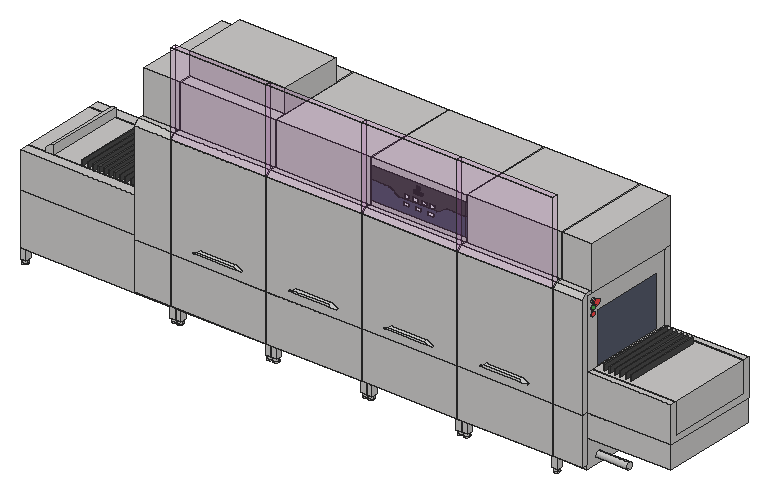
Revit family "QF_ELECTROLUXPROFESSIONAL_520714_EFTD064EL2U2D1M5R385", category Attrezzature speciali, Revit 2020
Family settings
  Quota connettore circolare = Usa diametro
  Tipo di parte = Normale
  Basato su piano di lavoro = No
  Sempre verticale = Sì
  Taglio con vuoti quando caricato = No
  Condiviso = No
  Punto di calcolo locali = No
Parameters (values of type "Standard")
  Weight = 1123.00 kg
  Watts = 48500 W
  Volts = 380 V
  URL Manufacturer = "https://www.electroluxprofessional.com/"
  URL = "https://www.electroluxprofessional.com/"
  Steam Supply Size = 0 mm
  Steam Supply Minimum Pressure = 0.0 Pa
  Steam Supply Maximum Pressure = 0.0 Pa
  Steam Consumption per Hour = 0
  Show Logo [instance] = yes
  Show Clearance [instance] = yes
  Refrigeration Suction Line Size = 0 mm
  Refrigeration Liquid Line Size = 0 mm
  Refrigerant Compressor Remote = yes
  Prospetto di default = 0 mm
  Produttore = "Electrolux Professional"
  Phase = 3
  Modello = "EFTD064EL2U2D1M5R385"
  Length Actual = 5450 mm  # constant formula
  Item Number = "520714"
  Hot Water Size = 0 mm
  Height Actual = 1983 mm  # constant formula
  HP = "65 HP"
  Gas Size = 0 mm
  Gas KW = 0
  Gas Input Pressure = 0 W
  Direct Waste Size = 50.8 mm
  Descrizione = "FT, 2Tanks, 6400D/H, El., 950mm loading, 1300mm unloading, 1Dryer, 55mm conveyor,R>L,380V50Hz3P"
  Depth Actual = 946 mm  # constant formula
  Cycle = 50 Hz
  Condensate Return Size = 0 mm
  Compressed Air Volume = 0.0 L/s
  Compressed Air Size = 0 mm
  Compressed Air Pressure = 0.0 Pa
  Cold Water Size = 0 mm
  Accessory = yes
Reference planes
  plane 1 "Centro (Fronte/Retro)": y = 0
  plane 2: z = 0
  plane 3 "Centro (Sinistra/Destra)": x = 0
  plane 4: z = 115
Forms (mm)
  Extrusion 1, solid, material "QF_Finishes_Stainless Steel"
    sketch origin (2582.404, 2, 1806.023) x (1, 0, 0) y (0, 0, 1)
      loop
        line (407.596, -163.023) -> (407.596, -183.023) -> (427.596, -183.023) -> (427.596, -163.023) -> (407.596, -163.023)
    from 0 to 2
  Extrusion 2, solid, material "QF_Finishes_Stainless Steel"
    sketch origin (-5.617, 22.464, 1290.159) x (0, 0, -1) y (0, 1, 0)
      loop
        circle (1102.159, -772.464) r 25
    from -9.383 to 5.617
  Extrusion 3, solid, material "QF_Finishes_Stainless Steel"
    sketch origin (3242.404, 2, 337.984) x (1, 0, 0) y (0, 0, 1)
      loop
        line (407.596, -163.023) -> (407.596, -183.023) -> (427.596, -183.023) -> (427.596, -163.023) -> (407.596, -163.023)
    from 0 to 2
  Extrusion 4, solid, material "QF_Finishes_Stainless Steel"
    sketch origin (647.841, 200.464, 109.383) x (1, 0, 0) y (0, 1, 0)
      loop
        circle (1102.159, -772.464) r 10
    from -9.383 to 5.617
  Extrusion 5, solid, material "QF_Finishes_Stainless Steel"
    sketch origin (718.841, 200.464, 109.383) x (1, 0, 0) y (0, 1, 0)
      loop
        circle (1102.159, -772.464) r 10
    from -9.383 to 5.617
  Extrusion 6, solid, material "QF_Finishes_Stainless Steel"
    sketch origin (5005.617, -1522.464, 1290.159) x (0, 0, -1) y (0, -1, 0)
      loop
        circle (1102.159, -772.464) r 25
    from -9.383 to 255.617
Dimensions and locks
  plane 4 to level = 115 mm
  aligned and locked: level to plane 2
Nested families
  nested 1: "MODULO_CENTER_800_FAN" at (1683.563, -388.258, 0), Show Clearance <- "Show Clearance", type "MODULO_CENTER_800_FAN"
    with Show Logo yes, Show Clearance yes, R_L no, L_R yes
  nested 2: "MODULO_CENTER_800" at (3283.563, -388.258, 0), Show Clearance <- "Show Clearance", type "MODULO_CENTER_800"
    with Show Logo yes, Show Clearance yes, R_L no, L_R yes
  nested 3: "MODULO_ENTRY_DISH_950" at (4891.437, -523.742, 0) x (-1, 0, 0) z (0, 0, 1), type "MODULO_ENTRY_DISH_950"
    with Show Logo yes, Show Clearance yes, R_L yes, L_R no
  nested 4: "MODULO_USCITA_DISH_1300" at (941.437, -523.742, 0) x (-1, 0, 0) z (0, 0, 1), type "MODULO_USCITA_DISH_1300"
    with Show Logo yes, Show Clearance yes, R_L no, L_R yes
  nested 5: "Piedino_Square_115H" at (23.5, -838.5, 0), type "Piedino_Square_115H"
  nested 6: "Piedino_Square_115H" at (23.5, -73.5, 0), type "Piedino_Square_115H"
  nested 7: "Piedino_Square_115H" at (1276.5, -838.5, 0), type "Piedino_Square_115H"
  nested 8: "Piedino_Square_115H" at (1276.5, -73.5, 0), type "Piedino_Square_115H"
  nested 9: "Piedino_Square_115H" at (1323.5, -838.5, 0), type "Piedino_Square_115H"
  nested 10: "Piedino_Square_115H" at (1323.5, -73.5, 0), type "Piedino_Square_115H"
  nested 11: "Piedino_Square_115H" at (2076.5, -838.5, 0), type "Piedino_Square_115H"
  nested 12: "Piedino_Square_115H" at (2076.5, -73.5, 0), type "Piedino_Square_115H"
  nested 13: "Piedino_Square_115H" at (2123.5, -838.5, 0) x (-1, 0, 0) z (0, 0, 1), type "Piedino_Square_115H"
  nested 14: "Piedino_Square_115H" at (2123.5, -73.5, 0) x (-1, 0, 0) z (0, 0, 1), type "Piedino_Square_115H"
  nested 15: "Piedino_Square_115H" at (2876.5, -838.5, 0) x (-1, 0, 0) z (0, 0, 1), type "Piedino_Square_115H"
  nested 16: "Piedino_Square_115H" at (2876.5, -73.5, 0) x (-1, 0, 0) z (0, 0, 1), type "Piedino_Square_115H"
  nested 17: "Piedino_Square_115H" at (2923.5, -838.5, 0), type "Piedino_Square_115H"
  nested 18: "Piedino_Square_115H" at (2923.5, -73.5, 0), type "Piedino_Square_115H"
  nested 19: "Piedino_Square_115H" at (3676.5, -838.5, 0), type "Piedino_Square_115H"
  nested 20: "Piedino_Square_115H" at (3676.5, -73.5, 0), type "Piedino_Square_115H"
  nested 21: "MANIGLIA_FLIGHT_400" at (3300, -912, 639.28) x (1, 0, 0) z (0, -1, 0), type "MANIGLIA_FLIGHT_400"
  nested 22: "MANIGLIA_FLIGHT_400" at (2500, -912, 639.28) x (1, 0, 0) z (0, -1, 0), type "MANIGLIA_FLIGHT_400"
  nested 23: "MANIGLIA_FLIGHT_400" at (1700, -912, 639.28) x (1, 0, 0) z (0, -1, 0), type "MANIGLIA_FLIGHT_400"
  nested 24: "Schermo_Flight_800" at (3300, -815, 1583) x (1, 0, 0) z (0, -1, 0), type "Schermo_Flight_800"
  nested 25: "ELX_LOGO_WORDS_WHITE" at (3300, -816.6, 1663) x (1, 0, 0) z (0, -1, 0), Show Logo <- "Show Logo", visible <- "Show Logo", type "ELX_LOGO_WORDS_WHITE"
    with Show Logo yes
  nested 26: "ELX_LOGO_MONO_SMALL_WHITE" at (3290.08, -816.6, 1649) x (-1, 0, 0) z (0, -1, 0), Show Logo <- "Show Logo", visible <- "Show Logo", type "ELX_LOGO_MONO_SMALL_WHITE"
    with Show Logo yes
  nested 27: "MODULO_CENTER_800" at (2516.437, -388.258, 0) x (-1, 0, 0) z (0, 0, 1), Show Clearance <- "Show Clearance", type "MODULO_CENTER_800"
    with Show Logo yes, Show Clearance yes, R_L no, L_R yes
  nested 28: "Piedino_Square_115H" at (4476.5, -838.5, 0), type "Piedino_Square_115H"
  nested 29: "Piedino_Square_115H" at (4476.5, -73.5, 0), type "Piedino_Square_115H"
  nested 30: "Piedino_Square_115H" at (3723.5, -838.5, 0), type "Piedino_Square_115H"
  nested 31: "Piedino_Square_115H" at (3723.5, -73.5, 0), type "Piedino_Square_115H"
  nested 32: "MANIGLIA_FLIGHT_400" at (4100, -912, 639.28) x (-1, 0, 0) z (0, -1, 0), type "MANIGLIA_FLIGHT_400"
  nested 33: "MODULO_CENTER_800" at (4083.563, -388.258, 0), Show Clearance <- "Show Clearance", type "MODULO_CENTER_800"
    with Show Logo yes, Show Clearance yes, R_L no, L_R yes
Connectors
  electrical at (3000, 2, 1633)
    settings: on Extrusion 1, index 69, voltage 0 V, apparent load 0 VA, apparent load phase1 0 VA, apparent load phase2 0 VA, apparent load phase3 0 VA, power factor 1, load classification "Altro", number of poles 1, system type 30, power factor state 1, is connector primary yes, connector utility no, sub classification motor no, connector description "EI"
  piping at (-15, -750, 188), diameter 50
    settings: on Extrusion 2, index 70, connector inside diameter 609.6 mm, connector length 0 mm, flow factor 0, pipe flow 0.0 L/s, pressure drop 0.0 Pa, fitting loss kfactor 0, connector angle 0.00°, fixture units 0, engagement length 0 mm, angle of deflection 0.00°, flow configuration 0, flow direction 0, fitting loss method 0, system type 29, joint type 0, gender type 0, connector reference index -1, connector utility 0, adjustable connector no, is connector primary yes, connector description "D"
  electrical at (3660, 2, 164.961)
    settings: on Extrusion 3, index 71, voltage 0 V, apparent load 0 VA, apparent load phase1 0 VA, apparent load phase2 0 VA, apparent load phase3 0 VA, power factor 1, load classification "Altro", number of poles 1, system type 30, power factor state 1, is connector primary no, connector utility no, sub classification motor no, connector description "EQ"
  piping at (1750, -572, 100), diameter 19.1
    settings: on Extrusion 4, index 72, connector inside diameter 609.6 mm, connector length 0 mm, flow factor 0, pipe flow 0.0 L/s, pressure drop 0.0 Pa, fitting loss kfactor 0, connector angle 0.00°, fixture units 0, engagement length 0 mm, angle of deflection 0.00°, flow configuration 0, flow direction 0, fitting loss method 0, system type 29, joint type 0, gender type 0, connector reference index -1, connector utility 0, adjustable connector no, is connector primary no, connector description "HWI/CWI"
  piping at (1821, -572, 100), diameter 19.1
    settings: on Extrusion 5, index 73, connector inside diameter 609.6 mm, connector length 0 mm, flow factor 0, pipe flow 0.0 L/s, pressure drop 0.0 Pa, fitting loss kfactor 0, connector angle 0.00°, fixture units 0, engagement length 0 mm, angle of deflection 0.00°, flow configuration 0, flow direction 0, fitting loss method 0, system type 29, joint type 0, gender type 0, connector reference index -1, connector utility 0, adjustable connector no, is connector primary no, connector description "HWI/CWI"
  piping at (5015, -750, 188), diameter 50
    settings: on Extrusion 6, index 74, connector inside diameter 609.6 mm, connector length 0 mm, flow factor 0, pipe flow 0.0 L/s, pressure drop 0.0 Pa, fitting loss kfactor 0, connector angle 0.00°, fixture units 0, engagement length 0 mm, angle of deflection 0.00°, flow configuration 0, flow direction 0, fitting loss method 0, system type 29, joint type 0, gender type 0, connector reference index -1, connector utility 0, adjustable connector no, is connector primary no, connector description ""
Definition of nested family "MODULO_CENTER_800_FAN"
  Parameters (values of type "MODULO_CENTER_800_FAN")
    URL = "http://professional.electrolux.com"
    Show Logo [instance] = yes
    R_L [instance] = not(L_R)  # no
    Default Elevation = 0 mm
    Manufacturer = "Electrolux"
    Model = "ESR10E5"
    Length Actual = 800 mm
    Show Clearance [instance] = yes
    L_R [instance] = yes
    Height Actual = 1792 mm
    Description = "SINGLE RINSE RT, 100R/H, ELECTRIC 50HZ"
    Depth Actual = 912 mm
  Reference planes
    plane 1 "Center X": y = -67.742
    plane 2: z = 0
    plane 3 "LEFT": x = -383.563
    plane 4 "RIGHT": x = 416.437
    plane 5 "BACK": y = 388.258
    plane 6 "FEET": z = 115
    plane 7: z = 2092
    plane 8 "TOP": z = 1792
    plane 9 "FRONT": y = -523.742
    plane 10 "Left/Right": x = 16.437
    plane 11 "TopVent": z = 1983
  Forms (mm)
    Extrusion 1, solid
      sketch origin (416.437, 479.936, 4000) x (0, 1, 0) y (0, 0, 1)
        loop
          line (-91.678, -2208) -> (-906.678, -2208) -> (-906.678, -2580) -> (-91.678, -2580) -> (-91.678, -2208)
      from -800 to 0
    Extrusion 2, solid
      sketch origin (-383.563, 437.565, 3910) x (0, 1, 0) y (0, 0, 1)
        loop
          line (-99.307, -2490) -> (-911.307, -2490) -> (-911.307, -3552) -> (-99.307, -3552) -> (-99.307, -2490)
      from 800 to 0
    Extrusion 3, solid
      sketch origin (416.437, 479.936, 4299) x (0, 1, 0) y (0, 0, 1)
        loop
          line (-278.21, -2316) -> (-803.678, -2316) -> (-803.678, -2507) -> (-278.21, -2507) -> (-278.21, -2316)
      from -800 to 0
    Extrusion 4, solid
      sketch origin (16.437, 0, 1.5) x (0, 0, 1) y (0, -1, 0)
        loop
          line (356.5, -338.258) -> (356.5, 473.742) -> (113.5, 473.742) -> (113.5, -338.258) -> (356.5, -338.258)
      from 400 to -400
    Extrusion 5, solid
      sketch origin (16.437, 0, 0) x (0, 0, 1) y (0, -1, 0)
        loop
          line (1420, -338.258) -> (545, -338.258) -> (545, -388.258) -> (1420, -388.258) -> (1420, -338.258)
      from -400 to 400
    Extrusion 6, solid
      sketch origin (16.437, 0, 0) x (0, 0, 1) y (0, -1, 0)
        loop
          line (545, -388.258) -> (545, -338.258) -> (154, -338.258) -> (154, -388.258) -> (545, -388.258)
      from -400 to 400
    Extrusion 7, solid
      sketch origin (16.437, -882.484, -150) x (0, -1, 0) y (0, 0, 1)
        loop
          line (-358.742, 304) -> (-358.742, 695) -> (-408.742, 695) -> (-408.742, 304) -> (-358.742, 304)
      from -400 to 400
    Extrusion 8, solid
      sketch origin (16.437, -882.484, -151) x (0, -1, 0) y (0, 0, 1)
        loop
          line (-408.742, 1571) -> (-408.742, 696) -> (-358.742, 696) -> (-358.742, 1556) -> (-395.742, 1593) -> (-443.742, 1593) -> (-443.742, 1571) -> (-408.742, 1571)
      from -400 to 400
    Extrusion 9, solid, visible <- "Show Clearance"
      sketch origin (16.437, -882.484, 452) x (0, -1, 0) y (0, 0, 1)
        loop
          line (-408.742, 1640) -> (-408.742, 953.624) -> (-358.742, 953.624) -> (-358.742, 1640) -> (-408.742, 1640)
      from -400 to 400
  Dimensions and locks
    plane 3 "LEFT" to plane 4 "RIGHT" = 800 mm
    plane 5 "BACK" to plane 1 "Center X" to plane 9 "FRONT" = 456 mm, 456 mm
    plane 6 "FEET" to level = 115 mm  (x2)
    plane 6 "FEET" to plane 8 "TOP" = 1677 mm
    plane 5 "BACK" to plane 9 "FRONT" = 912 mm  (x2)
    plane 4 "RIGHT" to plane 3 "LEFT" = 800 mm
    plane 9 "FRONT" to plane 5 "BACK" = 912 mm
    level to plane 8 "TOP" = 1792 mm  (x2)
    plane 7 to level = 2092 mm
    plane 11 "TopVent" to plane 2 = 1983 mm
    plane 7 to plane 2 = 2092 mm
    Extrusion 2 to level = 1420 mm
    Extrusion 8 to level = 1442 mm
    plane 11 "TopVent" to level = 1983 mm
    aligned and locked: level to plane 2
Definition of nested family "MODULO_CENTER_800"
  Parameters (values of type "MODULO_CENTER_800")
    URL = "http://professional.electrolux.com"
    Show Logo [instance] = yes
    R_L [instance] = not(L_R)  # no
    Default Elevation = 0 mm
    Manufacturer = "Electrolux"
    Model = "ESR10E5"
    Length Actual = 800 mm
    Show Clearance [instance] = yes
    L_R [instance] = yes
    Height Actual = 1792 mm
    Description = "SINGLE RINSE RT, 100R/H, ELECTRIC 50HZ"
    Depth Actual = 912 mm
  Reference planes
    plane 1 "Center X": y = -67.742
    plane 2: z = 0
    plane 3 "LEFT": x = -383.563
    plane 4 "RIGHT": x = 416.437
    plane 5 "BACK": y = 388.258
    plane 6 "FEET": z = 115
    plane 7: z = 2092
    plane 8 "TOP": z = 1792
    plane 9 "FRONT": y = -523.742
    plane 10 "Left/Right": x = 16.437
  Forms (mm)
    Extrusion 1, solid
      sketch origin (416.437, 479.936, 4000) x (0, 1, 0) y (0, 0, 1)
        loop
          line (-91.678, -2208) -> (-906.678, -2208) -> (-906.678, -2580) -> (-91.678, -2580) -> (-91.678, -2208)
      from -800 to 0
    Extrusion 2, solid
      sketch origin (-383.563, 437.565, 3915) x (0, 1, 0) y (0, 0, 1)
        loop
          line (-99.307, -2495) -> (-911.307, -2495) -> (-911.307, -3557) -> (-99.307, -3557) -> (-99.307, -2495)
      from 800 to 0
    Extrusion 3, solid
      sketch origin (16.437, 0, 1.5) x (0, 0, 1) y (0, -1, 0)
        loop
          line (356.5, -338.258) -> (356.5, 473.742) -> (113.5, 473.742) -> (113.5, -338.258) -> (356.5, -338.258)
      from 400 to -400
    Extrusion 4, solid
      sketch origin (16.437, 0, 0) x (0, 0, 1) y (0, -1, 0)
        loop
          line (1420, -338.258) -> (545, -338.258) -> (545, -388.258) -> (1420, -388.258) -> (1420, -338.258)
      from -400 to 400
    Extrusion 5, solid
      sketch origin (16.437, 0, 0) x (0, 0, 1) y (0, -1, 0)
        loop
          line (545, -388.258) -> (545, -338.258) -> (154, -338.258) -> (154, -388.258) -> (545, -388.258)
      from -400 to 400
    Extrusion 6, solid
      sketch origin (16.437, -882.484, -150) x (0, -1, 0) y (0, 0, 1)
        loop
          line (-358.742, 304) -> (-358.742, 695) -> (-408.742, 695) -> (-408.742, 304) -> (-358.742, 304)
      from -400 to 400
    Extrusion 7, solid
      sketch origin (16.437, -882.484, -151) x (0, -1, 0) y (0, 0, 1)
        loop
          line (-408.742, 1571) -> (-408.742, 696) -> (-358.742, 696) -> (-358.742, 1556) -> (-395.742, 1593) -> (-443.742, 1593) -> (-443.742, 1571) -> (-408.742, 1571)
      from -400 to 400
    Extrusion 8, solid, visible <- "Show Clearance"
      sketch origin (16.437, -882.484, 452) x (0, -1, 0) y (0, 0, 1)
        loop
          line (-408.742, 1640) -> (-408.742, 953.624) -> (-358.742, 953.624) -> (-358.742, 1640) -> (-408.742, 1640)
      from -400 to 400
  Dimensions and locks
    plane 3 "LEFT" to plane 4 "RIGHT" = 800 mm
    plane 5 "BACK" to plane 1 "Center X" to plane 9 "FRONT" = 456 mm, 456 mm
    plane 6 "FEET" to level = 115 mm  (x2)
    plane 6 "FEET" to plane 8 "TOP" = 1677 mm
    plane 5 "BACK" to plane 9 "FRONT" = 912 mm  (x2)
    plane 4 "RIGHT" to plane 3 "LEFT" = 800 mm
    plane 9 "FRONT" to plane 5 "BACK" = 912 mm
    level to plane 8 "TOP" = 1792 mm  (x2)
    plane 7 to level = 2092 mm
    plane 7 to plane 2 = 2092 mm
    Extrusion 2 to level = 1420 mm
    Extrusion 7 to level = 1442 mm
    aligned and locked: level to plane 2
Definition of nested family "MODULO_ENTRY_DISH_950"
  Parameters (values of type "MODULO_ENTRY_DISH_950")
    URL = "http://professional.electrolux.com"
    Show Logo [instance] = yes
    R_L [instance] = not(L_R)  # no
    Default Elevation = 0 mm
    Manufacturer = "Electrolux"
    Model = "ESR10E5"
    Length Actual = 800 mm
    Show Clearance [instance] = yes
    L_R [instance] = yes
    Height Actual = 1792 mm
    Description = "SINGLE RINSE RT, 100R/H, ELECTRIC 50HZ"
    Depth Actual = 912 mm
  Reference planes
    plane 1 "Center (Front/Back)": y = -67.742
    plane 2: z = 0
    plane 3 "LEFT": x = -558.563
    plane 4 "RIGHT": x = 391.437
    plane 5 "BACK": y = 388.258
    plane 6 "FRONT": y = -523.742
    plane 7 "BUTTONS": y = -427.742
    plane 8: z = 115
    plane 9 "2": y = 292.258
  Forms (mm)
    Extrusion 1, solid, visible <- "L_R"
      sketch origin (391.437, 479.936, 4000) x (0, 1, 0) y (0, 0, 1)
        loop
          line (-91.678, -2208) -> (-906.678, -2208) -> (-906.678, -2580) -> (-91.678, -2580) -> (-91.678, -2208)
      from -250 to 0
    Extrusion 2, solid
      sketch origin (-358.563, 437.565, 3910) x (0, 1, 0) y (0, 0, 1)
        loop
          line (-99.307, -2490) -> (-911.307, -2490) -> (-911.307, -3552) -> (-99.307, -3552) -> (-99.307, -2490)
      from 750 to 500
    Extrusion 3, solid
      sketch origin (-558.563, 437.565, 3910) x (0, 1, 0) y (0, 0, 1)
        loop
          line (-99.307, -3365) -> (-99.307, -3060) -> (-149.307, -3060) -> (-149.307, -3315) -> (-861.307, -3315) -> (-861.307, -3060) -> (-911.307, -3060) -> (-911.307, -3365) -> (-99.307, -3365)
      from 700 to 0
    Extrusion 4, solid
      sketch origin (16.437, 0, -4.987) x (0, 0, 1) y (0, -1, 0)
        loop
          line (362.987, -338.258) -> (362.987, 473.742) -> (119.987, 473.742) -> (119.987, -338.258) -> (362.987, -338.258)
      from 375 to 125
    Extrusion 5, solid, visible <- "L_R"
      sketch origin (16.437, 0, 0) x (0, 0, 1) y (0, -1, 0)
        loop
          line (1420, -338.258) -> (545, -338.258) -> (545, -388.258) -> (1420, -388.258) -> (1420, -338.258)
      from 125 to 375
    Extrusion 6, solid
      sketch origin (16.437, 0, 0) x (0, 0, 1) y (0, -1, 0)
        loop
          line (545, -388.258) -> (545, -338.258) -> (154, -338.258) -> (154, -388.258) -> (545, -388.258)
      from 125 to 375
    Extrusion 7, solid
      sketch origin (-558.563, 437.565, 3607.258) x (0, 1, 0) y (0, 0, 1)
        loop
          line (-99.307, -3249.258) -> (-99.307, -3062.258) -> (-911.307, -3062.258) -> (-911.307, -3249.258) -> (-99.307, -3249.258)
      from 700 to 0
    Extrusion 8, solid
      sketch origin (-558.563, 437.565, 4000) x (0, 1, 0) y (0, 0, 1)
        loop
          line (-149.307, -3150) -> (-861.307, -3150) -> (-861.307, -3405) -> (-149.307, -3405) -> (-149.307, -3150)
      from 0 to 700
    Extrusion 9, solid
      sketch origin (266.437, -882.484, -150) x (0, -1, 0) y (0, 0, 1)
        loop
          line (-358.742, 304) -> (-358.742, 695) -> (-408.742, 695) -> (-408.742, 304) -> (-358.742, 304)
      from -125 to 125
    Extrusion 10, solid, visible <- "L_R"
      sketch origin (266.437, -882.484, -151) x (0, -1, 0) y (0, 0, 1)
        loop
          line (-408.742, 1571) -> (-408.742, 696) -> (-358.742, 696) -> (-358.742, 1556) -> (-395.742, 1593) -> (-443.742, 1593) -> (-443.742, 1571) -> (-408.742, 1571)
      from -125 to 125
    Extrusion 11, solid
      sketch origin (-358.563, 437.565, 4000) x (0, 1, 0) y (0, 0, 1)
        loop
          line (-199.307, -2725.701) -> (-811.307, -2725.701) -> (-811.307, -3137.701) -> (-199.307, -3137.701) -> (-199.307, -2725.701)
      from 495.458 to 500
    Extrusion 12, solid, visible <- "R_L"
      sketch origin (266.437, 747, -151) x (0, 1, 0) y (0, 0, -1)
        loop
          line (-408.742, -1571) -> (-443.742, -1571) -> (-443.742, -1593) -> (-395.742, -1593) -> (-358.742, -1556) -> (-358.742, -696) -> (-408.742, -696) -> (-408.742, -1571)
      from -125 to 125
    Extrusion 13, solid, visible <- "R_L"
      sketch origin (16.437, -135.484, 0) x (0, 0, 1) y (0, -1, 0)
        loop
          line (1420, 338.258) -> (1420, 388.258) -> (545, 388.258) -> (545, 338.258) -> (1420, 338.258)
      from 125 to 375
    Extrusion 14, solid, visible <- "R_L"
      sketch origin (391.437, -615.42, 4000) x (0, -1, 0) y (0, 0, -1)
        loop
          line (-91.678, 2208) -> (-91.678, 2580) -> (-906.678, 2580) -> (-906.678, 2208) -> (-91.678, 2208)
      from -250 to 0
    Extrusion 15, solid
      sketch origin (-191.477, -192.742, -3) x (-1, 0, 0) y (0, 0, 1)
        loop
          line (-26.676, 853) -> (-26.676, 898) -> (-36.676, 898) -> (-36.676, 853) -> (-26.676, 853)
      from -196 to 446
    Extrusion 16, solid
      sketch origin (-146.477, -192.742, -3) x (-1, 0, 0) y (0, 0, 1)
        loop
          line (-26.676, 853) -> (-26.676, 898) -> (-36.676, 898) -> (-36.676, 853) -> (-26.676, 853)
      from -196 to 446
    Extrusion 17, solid
      sketch origin (-101.477, -192.742, -3) x (-1, 0, 0) y (0, 0, 1)
        loop
          line (-26.676, 853) -> (-26.676, 898) -> (-36.676, 898) -> (-36.676, 853) -> (-26.676, 853)
      from -196 to 446
    Extrusion 18, solid
      sketch origin (-56.477, -192.742, -3) x (-1, 0, 0) y (0, 0, 1)
        loop
          line (-26.676, 853) -> (-26.676, 898) -> (-36.676, 898) -> (-36.676, 853) -> (-26.676, 853)
      from -196 to 446
    Extrusion 19, solid
      sketch origin (-11.477, -192.742, -3) x (-1, 0, 0) y (0, 0, 1)
        loop
          line (-26.676, 853) -> (-26.676, 898) -> (-36.676, 898) -> (-36.676, 853) -> (-26.676, 853)
      from -196 to 446
    Extrusion 20, solid
      sketch origin (33.523, -192.742, -3) x (-1, 0, 0) y (0, 0, 1)
        loop
          line (-26.676, 853) -> (-26.676, 898) -> (-36.676, 898) -> (-36.676, 853) -> (-26.676, 853)
      from -196 to 446
  Dimensions and locks
    plane 3 "LEFT" to plane 4 "RIGHT" = 950 mm
    plane 5 "BACK" to plane 1 "Center (Front/Back)" to plane 6 "FRONT" = 456 mm, 456 mm
    plane 5 "BACK" to plane 6 "FRONT" = 912 mm  (x2)
    plane 4 "RIGHT" to plane 3 "LEFT" = 950 mm  (x2)
    plane 6 "FRONT" to plane 5 "BACK" = 912 mm
    plane 8 to level = 115 mm
    Extrusion 1 to level = 1792 mm
    Extrusion 3 to level = 850 mm
    aligned and locked: level to plane 2
  Nested families
    nested 1: "BOTTONE_RED_STOP" at (141.437, -427.742, 1266.906) x (0, -1, 0) z (-1, 0, 0), visible <- "L_R", type "BOTTONE_RED_STOP"
    nested 2: "BOTTONE_EMERGENCY_STOP" at (141.437, -427.742, 1370) x (0, -1, 0) z (-1, 0, 0), visible <- "L_R", type "BOTTONE_EMERGENCY_STOP"
    nested 3: "BOTTONE_GREEN_START" at (141.437, -427.742, 1316.906) x (0, -1, 0) z (-1, 0, 0), visible <- "L_R", type "BOTTONE_GREEN_START"
    nested 4: "BOTTONE_RED_STOP" at (141.437, 292.258, 1267.906) x (0, 1, 0) z (-1, 0, 0), visible <- "R_L", type "BOTTONE_RED_STOP"
    nested 5: "BOTTONE_EMERGENCY_STOP" at (141.437, 292.258, 1371) x (0, 1, 0) z (-1, 0, 0), visible <- "R_L", type "BOTTONE_EMERGENCY_STOP"
    nested 6: "BOTTONE_GREEN_START" at (141.437, 292.258, 1317.906) x (0, 1, 0) z (-1, 0, 0), visible <- "R_L", type "BOTTONE_GREEN_START"
  Definition of nested family "BOTTONE_RED_STOP"
    Parameters (values of type "BOTTONE_RED_STOP")
      Default Elevation = 1219.2 mm
    Reference planes
      plane 1 "Centro (Fronte/Retro)": y = 0
      plane 2: z = 0
      plane 3 "Centro (Sinistra/Destra)": x = 0
    Forms (mm)
      Extrusion 1, solid
        sketch origin (0, 0, 0) x (1, 0, 0) y (0, 1, 0)
          loop
            line (-1219.2, 1219.2) -> (-1219.2, -1219.2) -> (1219.2, -1219.2) -> (1219.2, 1219.2) -> (-1219.2, 1219.2)
        from 0 to -304.8
      Extrusion 2, solid
        sketch origin (-367.513, 69.533, 15) x (-1, 0, 0) y (0, 1, 0)
          loop
            circle (-367.513, -69.533) r 15
        from 0 to 15
    Dimensions and locks
      aligned and locked: plane 2 to Extrusion 1
      aligned and locked: level to Extrusion 1
  Definition of nested family "BOTTONE_EMERGENCY_STOP"
    Parameters
      Default Elevation = 1219.2 mm
    Reference planes
      plane 1 "Centro (Fronte/Retro)": y = 0
      plane 2: z = 0
      plane 3 "Centro (Sinistra/Destra)": x = 0
    Forms (mm)
      Extrusion 1, solid
        sketch origin (0, 0, 0) x (1, 0, 0) y (0, 1, 0)
          loop
            line (-1219.2, 1219.2) -> (-1219.2, -1219.2) -> (1219.2, -1219.2) -> (1219.2, 1219.2) -> (-1219.2, 1219.2)
        from 0 to -304.8
      Extrusion 2, solid
        sketch origin (0, 0, 0) x (1, 0, 0) y (0, 1, 0)
          loop
            circle (0, 0) r 15
        from 0 to 20.273
      Blend 3, solid
        base sketch origin (-49.801, 0, 0) x (1, 0, 0) y (0, 1, 0)
          loop
            circle (49.801, 0) r 15
        top sketch origin (-49.801, 0, 0) x (1, 0, 0) y (0, 1, 0)
          loop
            circle (49.801, 0) r 25
        from 20.273 to 47.605
    Dimensions and locks
      aligned and locked: plane 2 to Extrusion 1
      aligned and locked: level to Extrusion 1
  Definition of nested family "BOTTONE_GREEN_START"
    Parameters (values of type "BOTTONE_GREEN_START")
      Default Elevation = 1219.2 mm
    Reference planes
      plane 1 "Centro (Fronte/Retro)": y = 0
      plane 2: z = 0
      plane 3 "Centro (Sinistra/Destra)": x = 0
    Forms (mm)
      Extrusion 1, solid
        sketch origin (0, 0, 0) x (1, 0, 0) y (0, 1, 0)
          loop
            line (-1219.2, 1219.2) -> (-1219.2, -1219.2) -> (1219.2, -1219.2) -> (1219.2, 1219.2) -> (-1219.2, 1219.2)
        from 0 to -304.8
      Extrusion 2, solid
        sketch origin (-367.513, 69.533, 15) x (-1, 0, 0) y (0, 1, 0)
          loop
            circle (-367.513, -69.533) r 15
        from 0 to 15
    Dimensions and locks
      aligned and locked: plane 2 to Extrusion 1
      aligned and locked: level to Extrusion 1
Definition of nested family "MODULO_USCITA_DISH_1300"
  Parameters (values of type "MODULO_USCITA_DISH_1300")
    URL = "http://professional.electrolux.com"
    Show Logo [instance] = yes
    R_L [instance] = not(L_R)  # yes
    Default Elevation = 0 mm
    Manufacturer = "Electrolux"
    Model = "ESR10E5"
    Length Actual = 800 mm
    Show Clearance [instance] = yes
    L_R [instance] = no
    Height Actual = 1792 mm
    Description = "SINGLE RINSE RT, 100R/H, ELECTRIC 50HZ"
    Depth Actual = 912 mm
  Reference planes
    plane 1 "Center (Front/Back)": y = -67.742
    plane 2: z = 0
    plane 3 "LEFT": x = -358.563
    plane 4 "BACK": y = 388.258
    plane 5 "FEET": z = 115
    plane 6 "TOP": z = 1792
    plane 7 "FRONT": y = -523.742
    plane 8 "Left/Right": x = 16.437
    plane 9: x = -358.563
    plane 10: y = -427.742
    plane 11 "RIGHT": x = 941.437
  Forms (mm)
    Extrusion 1, solid, visible <- "R_L"
      sketch origin (-358.563, 479.936, 4003) x (0, 1, 0) y (0, 0, -1)
        loop
          line (-91.678, 2211) -> (-91.678, 2583) -> (-906.678, 2583) -> (-906.678, 2211) -> (-91.678, 2211)
      from -300 to 0
    Extrusion 2, solid
      sketch origin (-358.563, 437.565, 4003) x (0, 1, 0) y (0, 0, 1)
        loop
          line (-99.307, -3458) -> (-911.307, -3458) -> (-911.307, -3888) -> (-99.307, -3888) -> (-99.307, -3458)
      from 300 to 0
    Extrusion 3, solid
      sketch origin (-358.563, 479.936, 4003) x (0, 1, 0) y (0, 0, -1)
        loop
          line (-141.678, 2583) -> (-141.678, 3458) -> (-953.678, 3458) -> (-953.678, 2583) -> (-141.678, 2583)
      from -300 to 0
    Extrusion 4, solid
      sketch origin (391.437, 437.565, 3913) x (0, 1, 0) y (0, 0, -1)
        loop
          line (-99.307, 3368) -> (-911.307, 3368) -> (-911.307, 3063) -> (-826.307, 3063) -> (-826.307, 3318) -> (-184.307, 3318) -> (-184.307, 3063) -> (-99.307, 3063) -> (-99.307, 3368)
      from 450 to -550
    Extrusion 5, solid, visible <- "R_L"
      sketch origin (16.437, 0, 3) x (0, 0, 1) y (0, 1, 0)
        loop
          line (1417, 338.258) -> (1417, 388.258) -> (542, 388.258) -> (542, 338.258) -> (1417, 338.258)
      from 75 to 375
    Extrusion 6, solid
      sketch origin (16.437, 0, 3) x (0, 0, 1) y (0, 1, 0)
        loop
          line (542, 388.258) -> (151, 388.258) -> (151, 338.258) -> (542, 338.258) -> (542, 388.258)
      from 75 to 375
    Extrusion 7, solid
      sketch origin (391.437, 437.565, 3610.258) x (0, 1, 0) y (0, 0, -1)
        loop
          line (-99.307, 3495.258) -> (-911.307, 3495.258) -> (-911.307, 3065.258) -> (-99.307, 3065.258) -> (-99.307, 3495.258)
      from 450 to -550
    Extrusion 8, solid
      sketch origin (991.437, 0, 3) x (0, 1, 0) y (0, 0, 1)
        loop
          line (253.258, 847) -> (-388.742, 847) -> (-388.742, 592) -> (253.258, 592) -> (253.258, 847)
      from -50 to -1050
    Extrusion 9, solid
      sketch origin (-358.563, 437.565, 3928) x (0, 1, 0) y (0, 0, 1)
        loop
          line (-811.307, -3065.701) -> (-199.307, -3065.701) -> (-199.307, -2653.701) -> (-811.307, -2653.701) -> (-811.307, -3065.701)
      from 300 to 304.77
    Extrusion 10, solid
      sketch origin (-208.563, -115, -147) x (0, 1, 0) y (0, 0, 1)
        loop
          line (-358.742, 301) -> (-358.742, 692) -> (-408.742, 692) -> (-408.742, 301) -> (-358.742, 301)
      from -150 to 150
    Extrusion 11, solid, visible <- "R_L"
      sketch origin (-208.563, -882.484, -151) x (0, -1, 0) y (0, 0, 1)
        loop
          line (-408.742, 1571) -> (-408.742, 696) -> (-358.742, 696) -> (-358.742, 1556) -> (-395.742, 1593) -> (-443.742, 1593) -> (-443.742, 1571) -> (-408.742, 1571)
      from -150 to 150
    Extrusion 12, solid
      sketch origin (-39.574, -192.742, -3) x (-1, 0, 0) y (0, 0, 1)
        loop
          line (-26.676, 853) -> (-26.676, 898) -> (-36.676, 898) -> (-36.676, 853) -> (-26.676, 853)
      from -196 to 446
    Extrusion 13, solid
      sketch origin (5.426, -192.742, -3) x (-1, 0, 0) y (0, 0, 1)
        loop
          line (-26.676, 853) -> (-26.676, 898) -> (-36.676, 898) -> (-36.676, 853) -> (-26.676, 853)
      from -196 to 446
    Extrusion 14, solid
      sketch origin (50.426, -192.742, -3) x (-1, 0, 0) y (0, 0, 1)
        loop
          line (-26.676, 853) -> (-26.676, 898) -> (-36.676, 898) -> (-36.676, 853) -> (-26.676, 853)
      from -196 to 446
    Extrusion 15, solid
      sketch origin (95.426, -192.742, -3) x (-1, 0, 0) y (0, 0, 1)
        loop
          line (-26.676, 853) -> (-26.676, 898) -> (-36.676, 898) -> (-36.676, 853) -> (-26.676, 853)
      from -196 to 446
    Extrusion 16, solid
      sketch origin (140.426, -192.742, -3) x (-1, 0, 0) y (0, 0, 1)
        loop
          line (-26.676, 853) -> (-26.676, 898) -> (-36.676, 898) -> (-36.676, 853) -> (-26.676, 853)
      from -196 to 446
    Extrusion 17, solid
      sketch origin (185.426, -192.742, -3) x (-1, 0, 0) y (0, 0, 1)
        loop
          line (-26.676, 853) -> (-26.676, 898) -> (-36.676, 898) -> (-36.676, 853) -> (-26.676, 853)
      from -196 to 446
    Extrusion 18, solid
      sketch origin (230.426, -192.742, -3) x (-1, 0, 0) y (0, 0, 1)
        loop
          line (-26.676, 853) -> (-26.676, 898) -> (-36.676, 898) -> (-36.676, 853) -> (-26.676, 853)
      from -196 to 446
    Extrusion 19, solid
      sketch origin (275.426, -192.742, -3) x (-1, 0, 0) y (0, 0, 1)
        loop
          line (-26.676, 853) -> (-26.676, 898) -> (-36.676, 898) -> (-36.676, 853) -> (-26.676, 853)
      from -196 to 446
    Revolve 20, solid
      sketch origin (295, 0, 850) x (1, 0, 0) y (0, 1, 0)
        loop
          line (430.204, 253.258) -> (430.204, -388.742) -> (502.335, -388.742) -> (502.335, 253.258) -> (430.204, 253.258)
        axis (430.204, 253.258) -> (430.204, -388.742)
      angle from 0 to -90
    Extrusion 21, solid, visible <- "L_R"
      sketch origin (-208.563, 747, -151) x (0, 1, 0) y (0, 0, -1)
        loop
          line (-408.742, -1571) -> (-443.742, -1571) -> (-443.742, -1593) -> (-395.742, -1593) -> (-358.742, -1556) -> (-358.742, -696) -> (-408.742, -696) -> (-408.742, -1571)
      from -150 to 150
    Extrusion 22, solid, visible <- "L_R"
      sketch origin (16.437, -135.484, 3) x (0, 0, 1) y (0, 1, 0)
        loop
          line (1417, -338.258) -> (542, -338.258) -> (542, -388.258) -> (1417, -388.258) -> (1417, -338.258)
      from 75 to 375
    Extrusion 23, solid, visible <- "L_R"
      sketch origin (-358.563, -615.42, 4003) x (0, -1, 0) y (0, 0, 1)
        loop
          line (-91.678, -2211) -> (-906.678, -2211) -> (-906.678, -2583) -> (-91.678, -2583) -> (-91.678, -2211)
      from -300 to 0
    Extrusion 24, solid
      sketch origin (320.426, -192.742, -3) x (-1, 0, 0) y (0, 0, 1)
        loop
          line (-26.676, 853) -> (-26.676, 898) -> (-36.676, 898) -> (-36.676, 853) -> (-26.676, 853)
      from -196 to 446
    Extrusion 25, solid
      sketch origin (365.426, -192.742, -3) x (-1, 0, 0) y (0, 0, 1)
        loop
          line (-26.676, 853) -> (-26.676, 898) -> (-36.676, 898) -> (-36.676, 853) -> (-26.676, 853)
      from -196 to 446
    Extrusion 26, solid
      sketch origin (410.426, -192.742, -3) x (-1, 0, 0) y (0, 0, 1)
        loop
          line (-26.676, 853) -> (-26.676, 898) -> (-36.676, 898) -> (-36.676, 853) -> (-26.676, 853)
      from -196 to 446
    Extrusion 27, solid
      sketch origin (455.426, -192.742, -3) x (-1, 0, 0) y (0, 0, 1)
        loop
          line (-26.676, 853) -> (-26.676, 898) -> (-36.676, 898) -> (-36.676, 853) -> (-26.676, 853)
      from -196 to 446
  Dimensions and locks
    plane 4 "BACK" to plane 1 "Center (Front/Back)" to plane 7 "FRONT" = 456 mm, 456 mm
    plane 5 "FEET" to level = 115 mm  (x2)
    plane 4 "BACK" to plane 7 "FRONT" = 912 mm  (x2)
    plane 7 "FRONT" to plane 4 "BACK" = 912 mm
    level to plane 6 "TOP" = 1792 mm
    plane 3 "LEFT" to plane 8 "Left/Right" = 375 mm
    plane 8 "Left/Right" to plane 11 "RIGHT" = 925 mm
    plane 3 "LEFT" to plane 11 "RIGHT" = 1300 mm
    plane 9 to plane 11 "RIGHT" = 1300 mm
    plane 6 "TOP" to level = 1792 mm
    aligned and locked: level to plane 2
  Nested families
    nested 1: "BOTTONE_EMERGENCY_STOP" at (-58.563, -427.742, 1369) x (0, -1, 0) z (1, 0, 0), visible <- "R_L", type "BOTTONE_EMERGENCY_STOP"
    nested 2: "BOTTONE_GREEN_START" at (-58.563, -427.742, 1315.906) x (0, -1, 0) z (1, 0, 0), visible <- "R_L", type "BOTTONE_GREEN_START"
    nested 3: "BOTTONE_RED_STOP" at (-58.563, -427.742, 1265.906) x (0, -1, 0) z (1, 0, 0), visible <- "R_L", type "BOTTONE_RED_STOP"
    nested 4: "BOTTONE_EMERGENCY_STOP" at (-58.563, 292.258, 1369) x (0, 1, 0) z (1, 0, 0), visible <- "L_R", type "BOTTONE_EMERGENCY_STOP"
    nested 5: "BOTTONE_GREEN_START" at (-58.563, 292.258, 1315.906) x (0, 1, 0) z (1, 0, 0), visible <- "L_R", type "BOTTONE_GREEN_START"
    nested 6: "BOTTONE_RED_STOP" at (-58.563, 292.258, 1265.906) x (0, 1, 0) z (1, 0, 0), visible <- "L_R", type "BOTTONE_RED_STOP"
  Definition of nested family "BOTTONE_EMERGENCY_STOP"
    Parameters
      Default Elevation = 1219.2 mm
    Reference planes
      plane 1 "Centro (Fronte/Retro)": y = 0
      plane 2: z = 0
      plane 3 "Centro (Sinistra/Destra)": x = 0
    Forms (mm)
      Extrusion 1, solid
        sketch origin (0, 0, 0) x (1, 0, 0) y (0, 1, 0)
          loop
            line (-1219.2, 1219.2) -> (-1219.2, -1219.2) -> (1219.2, -1219.2) -> (1219.2, 1219.2) -> (-1219.2, 1219.2)
        from 0 to -304.8
      Extrusion 2, solid
        sketch origin (0, 0, 0) x (1, 0, 0) y (0, 1, 0)
          loop
            circle (0, 0) r 15
        from 0 to 20.273
      Blend 3, solid
        base sketch origin (-49.801, 0, 0) x (1, 0, 0) y (0, 1, 0)
          loop
            circle (49.801, 0) r 15
        top sketch origin (-49.801, 0, 0) x (1, 0, 0) y (0, 1, 0)
          loop
            circle (49.801, 0) r 25
        from 20.273 to 47.605
    Dimensions and locks
      aligned and locked: plane 2 to Extrusion 1
      aligned and locked: level to Extrusion 1
  Definition of nested family "BOTTONE_GREEN_START"
    Parameters (values of type "BOTTONE_GREEN_START")
      Default Elevation = 1219.2 mm
    Reference planes
      plane 1 "Centro (Fronte/Retro)": y = 0
      plane 2: z = 0
      plane 3 "Centro (Sinistra/Destra)": x = 0
    Forms (mm)
      Extrusion 1, solid
        sketch origin (0, 0, 0) x (1, 0, 0) y (0, 1, 0)
          loop
            line (-1219.2, 1219.2) -> (-1219.2, -1219.2) -> (1219.2, -1219.2) -> (1219.2, 1219.2) -> (-1219.2, 1219.2)
        from 0 to -304.8
      Extrusion 2, solid
        sketch origin (-367.513, 69.533, 15) x (-1, 0, 0) y (0, 1, 0)
          loop
            circle (-367.513, -69.533) r 15
        from 0 to 15
    Dimensions and locks
      aligned and locked: plane 2 to Extrusion 1
      aligned and locked: level to Extrusion 1
  Definition of nested family "BOTTONE_RED_STOP"
    Parameters (values of type "BOTTONE_RED_STOP")
      Default Elevation = 1219.2 mm
    Reference planes
      plane 1 "Centro (Fronte/Retro)": y = 0
      plane 2: z = 0
      plane 3 "Centro (Sinistra/Destra)": x = 0
    Forms (mm)
      Extrusion 1, solid
        sketch origin (0, 0, 0) x (1, 0, 0) y (0, 1, 0)
          loop
            line (-1219.2, 1219.2) -> (-1219.2, -1219.2) -> (1219.2, -1219.2) -> (1219.2, 1219.2) -> (-1219.2, 1219.2)
        from 0 to -304.8
      Extrusion 2, solid
        sketch origin (-367.513, 69.533, 15) x (-1, 0, 0) y (0, 1, 0)
          loop
            circle (-367.513, -69.533) r 15
        from 0 to 15
    Dimensions and locks
      aligned and locked: plane 2 to Extrusion 1
      aligned and locked: level to Extrusion 1
Definition of nested family "Piedino_Square_115H"
  Parameters (values of type "Piedino_Square_115H")
    Default Elevation = 0 mm
  Reference planes
    plane 1 "Centro (Fronte/Retro)": y = 0
    plane 2: z = 0
    plane 3 "Centro (Sinistra/Destra)": x = 0
    plane 4: z = 115
  Forms (mm)
    Extrusion 1, solid
      sketch origin (0, 0, 0) x (1, 0, 0) y (0, 1, 0)
        loop
          circle (0, 0) r 23
      from 0 to 5
    Extrusion 2, solid
      sketch origin (0, 0, 5) x (1, 0, 0) y (0, 1, 0)
        loop
          circle (0, 0) r 20
      from 0 to 25.777
    Extrusion 3, solid
      sketch origin (0, 0, 30.777) x (1, 0, 0) y (0, 1, 0)
        loop
          line (-23.5, 23.5) -> (-23.5, -23.5) -> (23.5, -23.5) -> (23.5, 23.5) -> (-23.5, 23.5)
      from 0 to 84.223
  Dimensions and locks
    plane 4 to level = 115 mm  (x2)
    radius of Extrusion 1 sketch curve = 23 mm
    aligned and locked: level to plane 2
    aligned and locked: Extrusion 1 to level
Definition of nested family "MANIGLIA_FLIGHT_400"
  Parameters
    Default Elevation = 1219.2 mm
  Reference planes
    plane 1 "Centro (Fronte/Retro)": y = 0
    plane 2: z = 0
    plane 3 "Centro (Sinistra/Destra)": x = 0
  Forms (mm)
    Extrusion 1, solid
      sketch origin (0, 0, 0) x (1, 0, 0) y (0, 1, 0)
        loop
          line (-1219.2, 1219.2) -> (-1219.2, -1219.2) -> (1219.2, -1219.2) -> (1219.2, 1219.2) -> (-1219.2, 1219.2)
      from 0 to -304.8
    Extrusion 2, solid
      sketch origin (-503, 656.113, -50) x (-1, 0, 0) y (0, 1, 0)
        loop
          line (-651.038, -638.613) -> (-703, -668.613) -> (-703, -673.613) -> (-658.503, -673.613) -> (-623.862, -653.613) -> (-382.138, -653.613) -> (-347.497, -673.613) -> (-303, -673.613) -> (-303, -668.613) -> (-354.962, -638.613) -> (-651.038, -638.613)
      from -86.258 to -50
    Extrusion 3, void
      sketch origin (0, -681.887, 358.742) x (0, 0, 1) y (0, 1, 0)
        loop
          line (-322.484, 684.387) -> (-353.281, 664.387) -> (-322.484, 664.387) -> (-322.484, 684.387)
      from -200 to 200
  Cuts and joins
    Extrusion 3 cuts Extrusion 2
  Dimensions and locks
    cut or joined group of Extrusion 2, Extrusion 3 to cut or joined group of Extrusion 2, Extrusion 3 = 400 mm
    cut or joined group of Extrusion 2, Extrusion 3 to cut or joined group of Extrusion 2, Extrusion 3 = 35 mm
    aligned and locked: plane 2 to Extrusion 1
    aligned and locked: level to Extrusion 1
Definition of nested family "Schermo_Flight_800"
  Parameters (values of type "Schermo_Flight_800")
    Default Elevation = 1219.2 mm
  Reference planes
    plane 1 "Center (Front/Back)": y = 0
    plane 2: z = 0
    plane 3 "Center (Left/Right)": x = 0
  Forms (mm)
    Extrusion 1, solid
      sketch origin (0, 0, 0) x (1, 0, 0) y (0, 1, 0)
        loop
          line (-1219.2, 1219.2) -> (-1219.2, -1219.2) -> (1219.2, -1219.2) -> (1219.2, 1219.2) -> (-1219.2, 1219.2)
      from 0 to -304.8
    Extrusion 2, solid
      sketch origin (0, -25, 0) x (1, 0, 0) y (0, 1, 0)
        loop
          line (-400, -82.94) -> (400, -82.94) -> (400, 70.507) -> (238.561, 70.507) -> (167.154, 20.507) -> (-167.154, 20.507) -> (-238.561, 70.507) -> (-400, 70.507) -> (-400, -82.94)
        loop
          line (-126.915, -7.668) -> (-126.915, -27.668) -> (-81.915, -27.668) -> (-81.915, -7.668) -> (-126.915, -7.668)
        loop
          line (-22.5, -7.668) -> (-22.5, -27.668) -> (22.5, -27.668) -> (22.5, -7.668) -> (-22.5, -7.668)
        loop
          line (126.915, -7.668) -> (81.915, -7.668) -> (81.915, -27.668) -> (126.915, -27.668) -> (126.915, -7.668)
      from 0 to 1.6
    Extrusion 3, solid
      sketch origin (0, -25, 0) x (1, 0, 0) y (0, 1, 0)
        loop
          line (-400, 177.06) -> (-400, 70.507) -> (-238.561, 70.507) -> (-167.154, 20.507) -> (167.154, 20.507) -> (238.561, 70.507) -> (400, 70.507) -> (400, 177.06) -> (-400, 177.06)
        loop
          line (-117.417, 56.68) -> (-117.417, 31.68) -> (-77.417, 31.68) -> (-77.417, 56.68) -> (-117.417, 56.68)
        loop
          line (-47.417, 56.68) -> (-47.417, 31.68) -> (-7.417, 31.68) -> (-7.417, 56.68) -> (-47.417, 56.68)
        loop
          line (27.583, 56.68) -> (27.583, 31.68) -> (67.583, 31.68) -> (67.583, 56.68) -> (27.583, 56.68)
        loop
          line (97.583, 56.68) -> (97.583, 31.68) -> (137.583, 31.68) -> (137.583, 56.68) -> (97.583, 56.68)
      from 0 to 1.6
    Extrusion 4, solid
      sketch origin (0, 0, 0) x (1, 0, 0) y (0, 1, 0)
        loop
          line (-117.417, 31.68) -> (-117.417, 6.68) -> (-77.417, 6.68) -> (-77.417, 31.68) -> (-117.417, 31.68)
        loop
          line (-47.417, 31.68) -> (-47.417, 6.68) -> (-7.417, 6.68) -> (-7.417, 31.68) -> (-47.417, 31.68)
        loop
          line (27.583, 31.68) -> (27.583, 6.68) -> (67.583, 6.68) -> (67.583, 31.68) -> (27.583, 31.68)
        loop
          line (97.583, 31.68) -> (97.583, 6.68) -> (137.583, 6.68) -> (137.583, 31.68) -> (97.583, 31.68)
        loop
          line (-126.915, -32.668) -> (-126.915, -52.668) -> (-81.915, -52.668) -> (-81.915, -32.668) -> (-126.915, -32.668)
        loop
          line (-22.5, -32.668) -> (-22.5, -52.668) -> (22.5, -52.668) -> (22.5, -32.668) -> (-22.5, -32.668)
        loop
          line (81.915, -32.668) -> (81.915, -52.668) -> (126.915, -52.668) -> (126.915, -32.668) -> (81.915, -32.668)
      from 0 to 1.6
  Dimensions and locks
    Extrusion 3 to Extrusion 3 = 800 mm
    Extrusion 2 to Extrusion 3 = 260 mm
    aligned and locked: plane 2 to Extrusion 1
    aligned and locked: level to Extrusion 1
Definition of nested family "ELX_LOGO_WORDS_WHITE"
  Parameters (values of type "ELX_LOGO_WORDS_WHITE")
    Show Logo [instance] = yes
    Default Elevation = 0 mm
  Reference planes
    plane 1 "Centro (Fronte/Retro)": y = 0
    plane 2: z = 0
    plane 3 "Centro (Sinistra/Destra)": x = 0
  Forms (mm)
    Extrusion 1, solid
      sketch origin (0, 0, 0) x (1, 0, 0) y (0, 1, 0)
        loop
          line (-1219.2, 1219.2) -> (-1219.2, -1219.2) -> (1219.2, -1219.2) -> (1219.2, 1219.2) -> (-1219.2, 1219.2)
      from 0 to -304.8
    Extrusion 2, solid, visible <- "Show Logo"
      sketch origin (0, 0, 0) x (1, 0, 0) y (0, 1, 0)
        loop
          line (-30.234, 10.561) -> (-37.67, 10.561) -> (-37.67, 1.902)
          arc (-37.67, 1.902) -> (-36.691, -0.461) -> (-34.329, -1.439) r 3.341
          line (-34.329, -1.439) -> (-30.09, -1.439) -> (-30.09, 0.503) -> (-33.845, 0.503)
          arc (-33.845, 0.503) -> (-35.079, 0.92) -> (-35.604, 2.112) r 1.615
          line (-35.604, 2.112) -> (-35.604, 3.829) -> (-30.555, 3.829) -> (-30.555, 5.779) -> (-35.604, 5.779) -> (-35.604, 8.617) -> (-30.234, 8.617) -> (-30.234, 10.561)
        loop
          line (-28.622, 10.561) -> (-28.622, -1.439) -> (-26.555, -1.439) -> (-26.555, 10.561) -> (-28.622, 10.561)
        loop
          line (16.27, 10.561) -> (16.27, -1.439) -> (18.338, -1.439) -> (18.338, 10.561) -> (16.27, 10.561)
        loop
          line (-23.137, 2.393) -> (-16.354, 2.393)
          arc (-16.354, 2.393) -> (-17.415, 6.119) -> (-21.043, 7.478) r 4.298
          arc (-21.043, 7.478) -> (-24.239, 5.857) -> (-25.151, 2.393) r 4.373
          arc (-25.151, 2.393) -> (-23.951, -0.505) -> (-21.053, -1.705) r 4.097
          arc (-21.053, -1.705) -> (-18.799, -1.372) -> (-16.908, -0.099) r 5.15
          line (-16.908, -0.099) -> (-18.133, 1.125)
          arc (-18.133, 1.125) -> (-19.74, 0.161) -> (-21.607, 0.323) r 3.039
          arc (-21.607, 0.323) -> (-22.746, 1.081) -> (-23.137, 2.393) r 2.013
        loop
          line (-23.085, 3.846) -> (-18.431, 3.846)
          arc (-18.431, 3.846) -> (-19.084, 5.22) -> (-20.519, 5.727) r 1.983
          arc (-20.519, 5.727) -> (-22.175, 5.295) -> (-23.085, 3.846) r 2.321
        loop
          line (-8.297, 4.711) -> (-6.999, 6.009)
          arc (-6.999, 6.009) -> (-8.627, 7.187) -> (-10.604, 7.539) r 4.497
          arc (-10.604, 7.539) -> (-13.621, 6.437) -> (-15.204, 3.642) r 4.652
          arc (-15.204, 3.642) -> (-12.536, -1.257) -> (-7.072, -0.127) r 4.684
          line (-7.072, -0.127) -> (-8.363, 1.163)
          arc (-8.363, 1.163) -> (-11.149, 0.242) -> (-13.145, 2.393) r 2.714
          arc (-13.145, 2.393) -> (-13.006, 4.094) -> (-11.835, 5.335) r 2.578
          arc (-11.835, 5.335) -> (-9.96, 5.621) -> (-8.297, 4.711) r 2.961
        loop
          line (-5.73, 10.561) -> (-5.73, 2.36)
          arc (-5.73, 2.36) -> (-5.551, 1.13) -> (-5.09, -0.025) r 5.301
          arc (-5.09, -0.025) -> (-3.615, -1.198) -> (-1.746, -1.445) r 3.531
          line (-1.746, -1.445) -> (-1.746, 0.492)
          arc (-1.746, 0.492) -> (-2.302, 0.534) -> (-2.82, 0.74) r 1.862
          arc (-2.82, 0.74) -> (-3.484, 1.442) -> (-3.662, 2.393) r 1.713
          line (-3.662, 2.393) -> (-3.662, 5.362) -> (-1.785, 5.362) -> (-1.785, 7.24) -> (-3.662, 7.24) -> (-3.662, 10.561) -> (-5.73, 10.561)
        loop
          arc (2.004, 3.123) -> (2.152, 3.988) -> (2.578, 4.755) r 2.607
          arc (2.578, 4.755) -> (3.817, 5.391) -> (5.208, 5.362) r 2.84
          line (5.208, 5.362) -> (5.208, 7.349)
          arc (5.208, 7.349) -> (3.39, 7.177) -> (2.004, 5.989) r 3.016
          line (2.004, 5.989) -> (2.004, 7.24) -> (-0.046, 7.24) -> (-0.046, -1.439) -> (2.004, -1.439) -> (2.004, 3.123)
        loop
          circle (10.262, 2.899) r 4.599
        loop
          circle (10.262, 2.899) r 2.787
        loop
          arc (25.793, 2.175) -> (25.283, 0.772) -> (23.898, 0.213) r 1.835
          arc (23.898, 0.213) -> (22.514, 0.772) -> (22.004, 2.175) r 1.835
          line (22.004, 2.175) -> (22.004, 7.24) -> (19.919, 7.24) -> (19.919, 2.003)
          arc (19.919, 2.003) -> (21.105, -0.701) -> (23.898, -1.659) r 3.675
          arc (23.898, -1.659) -> (26.723, -0.672) -> (27.877, 2.088) r 3.675
          line (27.877, 2.088) -> (27.877, 7.24) -> (25.793, 7.24) -> (25.793, 2.175)
        loop
          line (29.126, 7.24) -> (32.128, 3.164) -> (28.83, -1.442) -> (31.052, -1.442) -> (33.241, 1.615) -> (35.462, -1.442) -> (37.67, -1.442) -> (34.419, 3.211) -> (37.392, 7.24) -> (35.135, 7.24) -> (33.234, 4.663) -> (31.362, 7.24) -> (29.126, 7.24)
        loop
          line (-35.875, -6.414) -> (-37.523, -6.414) -> (-37.523, -10.564) -> (-36.621, -10.564) -> (-36.621, -9.135) -> (-35.625, -9.135)
          arc (-35.625, -9.135) -> (-34.509, -7.66) -> (-35.875, -6.414) r 1.372
        loop
          arc (-35.664, -8.32) -> (-35.322, -7.786) -> (-35.664, -7.253) r 0.587
          line (-35.664, -7.253) -> (-36.621, -7.253) -> (-36.621, -8.32) -> (-35.664, -8.32)
        loop
          line (-29.363, -6.414) -> (-31.04, -6.414) -> (-31.04, -10.564) -> (-30.138, -10.564) -> (-30.138, -9.135) -> (-29.265, -9.135) -> (-28.669, -10.564) -> (-27.7, -10.564) -> (-28.516, -8.814)
          arc (-28.516, -8.814) -> (-28.125, -8.347) -> (-27.994, -7.752) r 1.281
          arc (-27.994, -7.752) -> (-28.406, -6.804) -> (-29.363, -6.414) r 1.37
        loop
          line (-30.138, -7.253) -> (-30.138, -8.32) -> (-29.18, -8.32)
          arc (-29.18, -8.32) -> (-28.839, -7.786) -> (-29.18, -7.253) r 0.587
          line (-29.18, -7.253) -> (-30.138, -7.253)
        loop
          circle (-22.402, -8.489) r 2.156
        loop
          circle (-22.402, -8.489) r 1.368
        loop
          line (-16.703, -6.414) -> (-16.703, -10.564) -> (-15.823, -10.564) -> (-15.823, -9.114) -> (-14.261, -9.114) -> (-14.261, -8.184) -> (-15.823, -8.184) -> (-15.823, -7.308) -> (-14.111, -7.308) -> (-14.111, -6.414) -> (-16.703, -6.414)
        loop
          line (-10.611, -6.414) -> (-10.611, -9.216)
          arc (-10.611, -9.216) -> (-10.229, -10.166) -> (-9.284, -10.561) r 1.327
          line (-9.284, -10.561) -> (-7.945, -10.561) -> (-7.945, -9.777) -> (-9.204, -9.777)
          arc (-9.204, -9.777) -> (-9.668, -9.394) -> (-9.759, -8.799) r 0.845
          line (-9.759, -8.799) -> (-8.1, -8.799) -> (-8.1, -8.015) -> (-9.759, -8.015) -> (-9.759, -7.198) -> (-7.985, -7.198) -> (-7.985, -6.414) -> (-10.611, -6.414)
        loop
          arc (4.417, -6.94) -> (3.867, -6.489) -> (3.171, -6.345) r 1.485
          arc (3.171, -6.345) -> (2.528, -6.503) -> (2, -6.902) r 1.645
          arc (2, -6.902) -> (1.902, -7.844) -> (2.51, -8.571) r 1.217
          arc (2.51, -8.571) -> (3.021, -8.741) -> (3.506, -8.976) r 4.201
          arc (3.506, -8.976) -> (3.812, -9.337) -> (3.601, -9.761) r 0.43
          arc (3.601, -9.761) -> (3.209, -9.853) -> (2.819, -9.754) r 0.846
          arc (2.819, -9.754) -> (2.482, -9.511) -> (2.275, -9.15) r 0.983
          line (2.275, -9.15) -> (1.549, -9.489)
          arc (1.549, -9.489) -> (1.811, -9.993) -> (2.232, -10.374) r 1.595
          arc (2.232, -10.374) -> (2.71, -10.578) -> (3.227, -10.63) r 1.719
          arc (3.227, -10.63) -> (3.867, -10.503) -> (4.442, -10.197) r 2.246
          arc (4.442, -10.197) -> (4.697, -9.52) -> (4.566, -8.81) r 1.349
          arc (4.566, -8.81) -> (4.282, -8.482) -> (3.919, -8.245) r 1.564
          arc (3.919, -8.245) -> (3.46, -8.04) -> (2.99, -7.864) r 8.236
          arc (2.99, -7.864) -> (2.718, -7.441) -> (3.111, -7.128) r 0.375
          arc (3.111, -7.128) -> (3.581, -7.241) -> (3.943, -7.563) r 0.998
          line (3.943, -7.563) -> (4.417, -6.94)
        loop
          line (8.225, -6.414) -> (8.225, -10.561) -> (9.077, -10.561) -> (9.077, -6.414) -> (8.225, -6.414)
        loop
          circle (14.827, -8.488) r 1.29
        loop
          circle (14.827, -8.488) r 2.154
        loop
          line (20.548, -10.561) -> (21.409, -10.561) -> (21.409, -7.954) -> (23.306, -10.561) -> (24.135, -10.561) -> (24.135, -6.414) -> (23.274, -6.414) -> (23.274, -9.101) -> (21.377, -6.414) -> (20.548, -6.414) -> (20.548, -10.561)
        loop
          line (28.435, -10.561) -> (28.839, -9.667) -> (30.373, -9.667) -> (30.777, -10.561) -> (31.693, -10.561) -> (29.942, -6.414) -> (29.142, -6.414) -> (27.519, -10.561) -> (28.435, -10.561)
        loop
          line (29.99, -8.816) -> (29.579, -7.905) -> (29.18, -8.816) -> (29.99, -8.816)
        loop
          line (35.929, -9.777) -> (35.929, -6.414) -> (35.076, -6.414) -> (35.076, -10.561) -> (37.523, -10.561) -> (37.523, -9.777) -> (35.929, -9.777)
        loop
          arc (-1.8, -6.94) -> (-2.35, -6.489) -> (-3.046, -6.345) r 1.485
          arc (-3.046, -6.345) -> (-3.689, -6.503) -> (-4.218, -6.902) r 1.645
          arc (-4.218, -6.902) -> (-4.316, -7.844) -> (-3.708, -8.571) r 1.217
          arc (-3.708, -8.571) -> (-3.197, -8.741) -> (-2.712, -8.976) r 4.201
          arc (-2.712, -8.976) -> (-2.405, -9.337) -> (-2.616, -9.761) r 0.43
          arc (-2.616, -9.761) -> (-3.008, -9.853) -> (-3.399, -9.754) r 0.846
          arc (-3.399, -9.754) -> (-3.736, -9.511) -> (-3.942, -9.15) r 0.983
          line (-3.942, -9.15) -> (-4.668, -9.489)
          arc (-4.668, -9.489) -> (-4.407, -9.993) -> (-3.985, -10.374) r 1.595
          arc (-3.985, -10.374) -> (-3.507, -10.578) -> (-2.99, -10.63) r 1.719
          arc (-2.99, -10.63) -> (-2.351, -10.503) -> (-1.775, -10.197) r 2.246
          arc (-1.775, -10.197) -> (-1.521, -9.52) -> (-1.652, -8.81) r 1.349
          arc (-1.652, -8.81) -> (-1.936, -8.482) -> (-2.298, -8.245) r 1.564
          arc (-2.298, -8.245) -> (-2.757, -8.04) -> (-3.228, -7.864) r 8.236
          arc (-3.228, -7.864) -> (-3.5, -7.441) -> (-3.107, -7.128) r 0.375
          arc (-3.107, -7.128) -> (-2.636, -7.241) -> (-2.274, -7.563) r 0.998
          line (-2.274, -7.563) -> (-1.8, -6.94)
      from 0 to 1.644
  Dimensions and locks
    aligned and locked: plane 2 to Extrusion 1
    aligned and locked: level to Extrusion 1
Definition of nested family "ELX_LOGO_MONO_SMALL_WHITE"
  Parameters (values of type "ELX_LOGO_MONO_SMALL_WHITE")
    Show Logo [instance] = yes
    Default Elevation = 1219.2 mm
  Reference planes
    plane 1 "Center (Front/Back)": y = -49
    plane 2: z = 0
    plane 3 "Center (Left/Right)": x = -9.92
  Forms (mm)
    Extrusion 1, solid
      sketch origin (0, 0, 0) x (1, 0, 0) y (0, 1, 0)
        loop
          line (-1219.2, 1219.2) -> (-1219.2, -1219.2) -> (1219.2, -1219.2) -> (1219.2, 1219.2) -> (-1219.2, 1219.2)
      from 0 to -304.8
    Extrusion 2, solid, visible <- "Show Logo"
      sketch origin (84.462, 509.781, 0) x (1, 0, 0) y (0, 1, 0)
        loop
          line (-97.736, -569.727) -> (-97.736, -547.891)
          arc (-97.736, -547.891) -> (-105.808, -558.809) -> (-97.736, -569.727) r 11.42
        loop
          arc (-96.625, -569.727) -> (-87.544, -567.663) -> (-83.169, -559.442) r 11.191
          line (-83.169, -559.442) -> (-86.782, -559.442)
          arc (-86.782, -559.442) -> (-93.235, -562.062) -> (-96.625, -568.146) r 10.49
          line (-96.625, -568.146) -> (-96.625, -569.727)
        loop
          arc (-96.625, -549.472) -> (-93.235, -555.557) -> (-86.782, -558.176) r 10.49
          line (-86.782, -558.176) -> (-83.169, -558.176)
          arc (-83.169, -558.176) -> (-87.537, -549.888) -> (-96.625, -547.611) r 11.484
          line (-96.625, -547.611) -> (-96.625, -549.472)
        loop
          line (-82.34, -570.919) -> (-82.34, -546.65) -> (-106.642, -546.65) -> (-106.642, -570.919) -> (-82.34, -570.919)
      from 0 to 1.644
  Dimensions and locks
    aligned and locked: plane 2 to Extrusion 1
    aligned and locked: level to Extrusion 1
